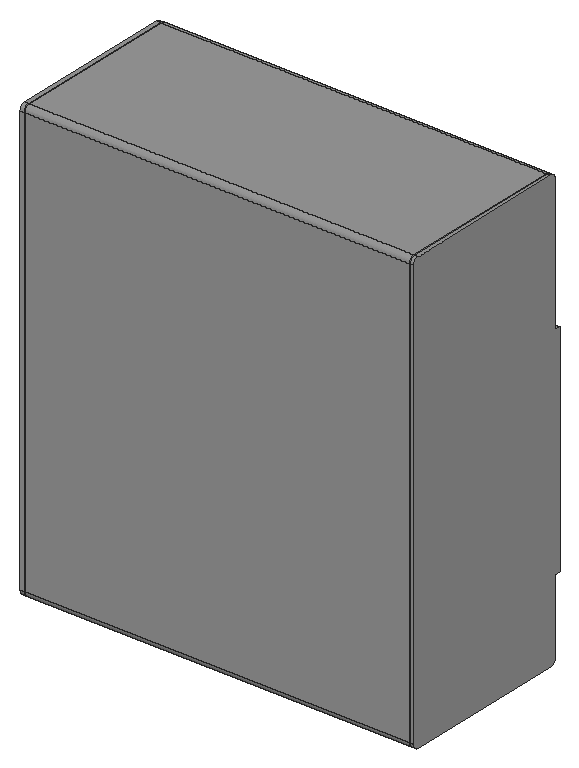
Revit family "L&L_LUCE&LIGHT_PASITO_1.0", category Lighting Fixtures, host Wall, Revit 2018 (continued)
Types (2, lengths in mm): name | Photometric Web File | built-in parameter 1150142
    0 0.00 0.00 0.00 0.00 \r\n0.00 0.00 0.00 0.00 0.00 0.00 0.00 0.00 0.00 0.00 0.00 \r\n0.00 0.00 0.00 0.00 0.00 0.00 0.00 0.00 0.00 0.00 0.00 \r\n0.00 0.00 0.00 0.00 0.00 0.00 0.00 0.00 0.00 0.00 0.00 \r\n0.00 0.00 0.00 0.00 0.00 0.00 0.00 0.00 0.00 0.00 0.00 \r\n0.00 0.00 0.00 0.00 0.00 0.00 0.00 0.00 0.00 0.00 0.00 \r\n0.00 0.00 0.00 0.00 0.00 0.00 0.00 0.00 0.00 0.00 0.00 \r\n0.00 0.00 0.00 0.00 0.00 \r\n0.00 0.00 0.00 0.00 0.00 0.00 0.00 0.00 0.00 0.00 0.00 \r\n0.00 0.00 0.00 0.00 0.00 0.00 0.00 0.00 0.00 0.00 0.00 \r\n0.00 0.00 0.00 0.00 0.00 0.00 0.00 0.00 0.00 0.00 0.00 \r\n0.00 0.00 0.00 0.00 0.00 0.00 0.00 0.00 0.00 0.00 0.00 \r\n0.00 0.00 0.00 0.00 0.00 0.00 0.00 0.00 0.00 0.00 0.00 \r\n0.00 0.00 0.00 0.00 0.00 0.00 0.00 0.00 0.00 0.00 0.00 \r\n0.00 0.00 0.00 0.00 0.00 0.00 0.00 0.00 0.00 0.00 0.00 \r\n0.00 0.00 0.00 0.00 0.00 0.00 0.00 0.00 0.00 0.00 0.00 \r\n0.00 0.00 0.00 0.00 0.00 0.00 0.00 0.00 0.00 0.00 0.00 \r\n0.00 0.00 0.00 0.00 0.00 0.00 0.00 0.00 0.00 0.00 0.00 \r\n0.00 0.00 0.00 0.00 0.00 0.00 0.00 0.00 0.00 0.00 0.00 \r\n0.00 0.00 0.00 0.00 0.00 0.00 0.00 0.00 0.00 0.00 0.00 \r\n0.00 0.00 0.00 0.00 0.00 0.00 0.00 0.00 0.00 0.00 0.00 \r\n0.00 0.00 0.00 0.00 0.00 0.00 0.00 0.00 0.00 0.00 0.00 \r\n0.00 0.00 0.00 0.00 0.00 0.00 0.00 0.00 0.00 0.00 0.00 \r\n0.00 0.00 0.00 0.00 0.00 0.00 0.00 0.00 0.00 0.00 0.00 \r\n0.00 0.00 0.00 0.00 0.00 \r\n0.00 0.00 0.00 0.00 0.00 0.00 0.00 0.00 0.00 0.00 0.00 \r\n0.00 0.00 0.00 0.00 0.00 0.00 0.00 0.00 0.00 0.00 0.00 \r\n0.00 0.00 0.00 0.00 0.00 0.00 0.00 0.00 0.00 0.00 0.00 \r\n0.00 0.00 0.00 0.00 0.00 0.00 0.00 0.00 0.00 0.00 0.00 \r\n0.00 0.00 0.00 0.00 0.00 0.00 0.00 0.00 0.00 0.00 0.00 \r\n0.00 0.00 0.00 0.00 0.00 0.00 0.00 0.00 0.00 0.00 0.00 \r\n0.00 0.00 0.00 0.00 0.00 0.00 0.00 0.00 0.00 0.00 0.00 \r\n0.00 0.00 0.00 0.00 0.00 0.00 0.00 0.00 0.00 0.00 0.00 \r\n0.00 0.00 0.00 0.00 0.00 0.00 0.00 0.00 0.00 0.00 0.00 \r\n0.00 0.00 0.00 0.00 0.00 0.00 0.00 0.00 0.00 0.00 0.00 \r\n0.00 0.00 0.00 0.00 0.00 0.00 0.00 0.00 0.00 0.00 0.00 \r\n0.00 0.00 0.00 0.00 0.00 0.00 0.00 0.00 0.00 0.00 0.00 \r\n0.00 0.00 0.00 0.00 0.00 0.00 0.00 0.00 0.00 0.00 0.00 \r\n0.00 0.00 0.00 0.00 0.00 0.00 0.00 0.00 0.00 0.00 0.00 \r\n0.00 0.00 0.00 0.00 0.00 0.00 0.00 0.00 0.00 0.00 0.00 \r\n0.00 0.00 0.00 0.00 0.00 0.00 0.00 0.00 0.00 0.00 0.00 \r\n0.00 0.00 0.00 0.00 0.00 \r\n0.00 0.00 0.00 0.00 0.00 0.00 0.00 0.00 0.00 0.00 0.00 \r\n0.00 0.00 0.00 0.00 0.00 0.00 0.00 0.00 0.00 0.00 0.00 \r\n0.00 0.00 0.00 0.00 0.00 0.00 0.00 0.00 0.00 0.00 0.00 \r\n0.00 0.00 0.00 0.00 0.00 0.00 0.00 0.00 0.00 0.00 0.00 \r\n0.00 0.00 0.00 0.00 0.00 0.00 0.00 0.00 0.00 0.00 0.00 \r\n0.00 0.00 0.00 0.00 0.00 0.00 0.00 0.00 0.00 0.00 0.00 \r\n0.00 0.00 0.00 0.00 0.00 0.00 0.00 0.00 0.00 0.00 0.00 \r\n0.00 0.00 0.00 0.00 0.00 0.00 0.00 0.00 0.00 0.00 0.00 \r\n0.00 0.00 0.00 0.00 0.00 0.00 0.00 0.00 0.00 0.00 0.00 \r\n0.00 0.00 0.00 0.00 0.00 0.00 0.00 0.00 0.00 0.00 0.00 \r\n0.00 0.00 0.00 0.00 0.00 0.00 0.00 0.00 0.00 0.00 0.00 \r\n0.00 0.00 0.00 0.00 0.00 0.00 0.00 0.00 0.00 0.00 0.00 \r\n0.00 0.00 0.00 0.00 0.00 0.00 0.00 0.00 0.00 0.00 0.00 \r\n0.00 0.00 0.00 0.00 0.00 0.00 0.00 0.00 0.00 0.00 0.00 \r\n0.00 0.00 0.00 0.00 0.00 0.00 0.00 0.00 0.00 0.00 0.00 \r\n0.00 0.00 0.00 0.00 0.00 0.00 0.00 0.00 0.00 0.00 0.00 \r\n0.00 0.00 0.00 0.00 0.00 \r\n0.00 0.00 0.00 0.00 0.00 0.00 0.00 0.00 0.00 0.00 0.00 \r\n0.00 0.00 0.00 0.00 0.00 0.00 0.00 0.00 0.00 0.00 0.00 \r\n0.00 0.00 0.00 0.00 0.00 0.00 0.00 0.00 0.00 0.00 0.00 \r\n0.00 0.00 0.00 0.00 0.00 0.00 0.00 0.00 0.00 0.00 0.00 \r\n0.00 0.00 0.00 0.00 0.00 0.00 0.00 0.00 0.00 0.00 0.00 \r\n0.00 0.00 0.00 0.00 0.00 0.00 0.00 0.00 0.00 0.00 0.00 \r\n0.00 0.00 0.00 0.00 0.00 0.00 0.00 0.00 0.00 0.00 0.00 \r\n0.00 0.00 0.00 0.00 0.00 0.00 0.00 0.00 0.00 0.00 0.00 \r\n0.00 0.00 0.00 0.00 0.00 0.00 0.00 0.00 0.00 0.00 0.00 \r\n0.00 0.00 0.00 0.00 0.00 0.00 0.00 0.00 0.00 0.00 0.00 \r\n0.00 0.00 0.00 0.00 0.00 0.00 0.00 0.00 0.00 0.00 0.00 \r\n0.00 0.00 0.00 0.00 0.00 0.00 0.00 0.00 0.00 0.00 0.00 \r\n0.00 0.00 0.00 0.00 0.00 0.00 0.00 0.00 0.00 0.00 0.00 \r\n0.00 0.00 0.00 0.00 0.00 0.00 0.00 0.00 0.00 0.00 0.00 \r\n0.00 0.00 0.00 0.00 0.00 0.00 0.00 0.00 0.00 0.00 0.00 \r\n0.00 0.00 0.00 0.00 0.00 0.00 0.00 0.00 0.00 0.00 0.00 \r\n0.00 0.00 0.00 0.00 0.00 \r\n0.00 0.00 0.00 0.00 0.00 0.00 0.00 0.00 0.00 0.00 0.00 \r\n0.00 0.00 0.00 0.00 0.00 0.00 0.00 0.00 0.00 0.00 0.00 \r\n0.00 0.00 0.00 0.00 0.00 0.00 0.00 0.00 0.00 0.00 0.00 \r\n0.00 0.00 0.00 0.00 0.00 0.00 0.00 0.00 0.00 0.00 0.00 \r\n0.00 0.00 0.00 0.00 0.00 0.00 0.00 0.00 0.00 0.00 0.00 \r\n0.00 0.00 0.00 0.00 0.00 0.00 0.00 0.00 0.00 0.00 0.00 \r\n0.00 0.00 0.00 0.00 0.00 0.00 0.00 0.00 0.00 0.00 0.00 \r\n0.00 0.00 0.00 0.00 0.00 0.00 0.00 0.00 0.00 0.00 0.00 \r\n0.00 0.00 0.00 0.00 0.00 0.00 0.00 0.00 0.00 0.00 0.00 \r\n0.00 0.00 0.00 0.00 0.00 0.00 0.00 0.00 0.00 0.00 0.00 \r\n0.00 0.00 0.00 0.00 0.00 0.00 0.00 0.00 0.00 0.00 0.00 \r\n0.00 0.00 0.00 0.00 0.00 0.00 0.00 0.00 0.00 0.00 0.00 \r\n0.00 0.00 0.00 0.00 0.00 0.00 0.00 0.00 0.00 0.00 0.00 \r\n0.00 0.00 0.00 0.00 0.00 0.00 0.00 0.00 0.00 0.00 0.00 \r\n0.00 0.00 0.00 0.00 0.00 0.00 0.00 0.00 0.00 0.00 0.00 \r\n0.00 0.00 0.00 0.00 0.00 0.00 0.00 0.00 0.00 0.00 0.00 \r\n0.00 0.00 0.00 0.00 0.00 \r\n0.00 0.00 0.00 0.00 0.00 0.00 0.00 0.00 0.00 0.00 0.00 \r\n0.00 0.00 0.00 0.00 0.00 0.00 0.00 0.00 0.00 0.00 0.00 \r\n0.00 0.00 0.00 0.00 0.00 0.00 0.00 0.00 0.00 0.00 0.00 \r\n0.00 0.00 0.00 0.00 0.00 0.00 0.00 0.00 0.00 0.00 0.00 \r\n0.00 0.00 0.00 0.00 0.00 0.00 0.00 0.00 0.00 0.00 0.00 \r\n0.00 0.00 0.00 0.00 0.00 0.00 0.00 0.00 0.00 0.00 0.00 \r\n0.00 0.00 0.00 0.00 0.00 0.00 0.00 0.00 0.00 0.00 0.00 \r\n0.00 0.00 0.00 0.00 0.00 0.00 0.00 0.00 0.00 0.00 0.00 \r\n0.00 0.00 0.00 0.00 0.00 0.00 0.00 0.00 0.00 0.00 0.00 \r\n0.00 0.00 0.00 0.00 0.00 0.00 0.00 0.00 0.00 0.00 0.00 \r\n0.00 0.00 0.00 0.00 0.00 0.00 0.00 0.00 0.00 0.00 0.00 \r\n0.00 0.00 0.00 0.00 0.00 0.00 0.00 0.00 0.00 0.00 0.00 \r\n0.00 0.00 0.00 0.00 0.00 0.00 0.00 0.00 0.00 0.00 0.00 \r\n0.00 0.00 0.00 0.00 0.00 0.00 0.00 0.00 0.00 0.00 0.00 \r\n0.00 0.00 0.00 0.00 0.00 0.00 0.00 0.00 0.00 0.00 0.00 \r\n0.00 0.00 0.00 0.00 0.00 0.00 0.00 0.00 0.00 0.00 0.00 \r\n0.00 0.00 0.00 0.00 0.00 \r\n0.00 0.00 0.00 0.00 0.00 0.00 0.00 0.00 0.00 0.00 0.00 \r\n0.00 0.00 0.00 0.00 0.00 0.00 0.00 0.00 0.00 0.00 0.00 \r\n0.00 0.00 0.00 0.00 0.00 0.00 0.00 0.00 0.00 0.00 0.00 \r\n0.00 0.00 0.00 0.00 0.00 0.00 0.00 0.00 0.00 0.00 0.00 \r\n0.00 0.00 0.00 0.00 0.00 0.00 0.00 0.00 0.00 0.00 0.00 \r\n0.00 0.00 0.00 0.00 0.00 0.00 0.00 0.00 0.00 0.00 0.00 \r\n0.00 0.00 0.00 0.00 0.00 0.00 0.00 0.00 0.00 0.00 0.00 \r\n0.00 0.00 0.00 0.00 0.00 0.00 0.00 0.00 0.00 0.00 0.00 \r\n0.00 0.00 0.00 0.00 0.00 0.00 0.00 0.00 0.00 0.00 0.00 \r\n0.00 0.00 0.00 0.00 0.00 0.00 0.00 0.00 0.00 0.00 0.00 \r\n0.00 0.00 0.00 0.00 0.00 0.00 0.00 0.00 0.00 0.00 0.00 \r\n0.00 0.00 0.00 0.00 0.00 0.00 0.00 0.00 0.00 0.00 0.00 \r\n0.00 0.00 0.00 0.00 0.00 0.00 0.00 0.00 0.00 0.00 0.00 \r\n0.00 0.00 0.00 0.00 0.00 0.00 0.00 0.00 0.00 0.00 0.00 \r\n0.00 0.00 0.00 0.00 0.00 0.00 0.00 0.00 0.00 0.00 0.00 \r\n0.00 0.00 0.00 0.00 0.00 0.00 0.00 0.00 0.00 0.00 0.00 \r\n0.00 0.00 0.00 0.00 0.00 \r\n0.00 0.00 0.00 0.00 0.00 0.00 0.00 0.00 0.00 0.00 0.00 \r\n0.00 0.00 0.00 0.00 0.00 0.00 0.00 0.00 0.00 0.00 0.00 \r\n0.00 0.00 0.00 0.00 0.00 0.00 0.00 0.00 0.00 0.00 0.00 \r\n0.00 0.00 0.00 0.00 0.00 0.00 0.00 0.00 0.00 0.00 0.00 \r\n0.00 0.00 0.00 0.00 0.00 0.00 0.00 0.00 0.00 0.00 0.00 \r\n0.00 0.00 0.00 0.00 0.00 0.00 0.00 0.00 0.00 0.00 0.00 \r\n0.00 0.00 0.00 0.00 0.00 0.00 0.00 0.00 0.00 0.00 0.00 \r\n0.00 0.00 0.00 0.00 0.00 0.00 0.00 0.00 0.00 0.00 0.00 \r\n0.00 0.00 0.00 0.00 0.00 0.00 0.00 0.00 0.00 0.00 0.00 \r\n0.00 0.00 0.00 0.00 0.00 0.00 0.00 0.00 0.00 0.00 0.00 \r\n0.00 0.00 0.00 0.00 0.00 0.00 0.00 0.00 0.00 0.00 0.00 \r\n0.00 0.00 0.00 0.00 0.00 0.00 0.00 0.00 0.00 0.00 0.00 \r\n0.00 0.00 0.00 0.00 0.00 0.00 0.00 0.00 0.00 0.00 0.00 \r\n0.00 0.00 0.00 0.00 0.00 0.00 0.00 0.00 0.00 0.00 0.00 \r\n0.00 0.00 0.00 0.00 0.00 0.00 0.00 0.00 0.00 0.00 0.00 \r\n0.00 0.00 0.00 0.00 0.00 0.00 0.00 0.00 0.00 0.00 0.00 \r\n0.00 0.00 0.00 0.00 0.00 \r\n0.00 0.00 0.00 0.00 0.00 0.00 0.00 0.00 0.00 0.00 0.00 \r\n0.00 0.00 0.00 0.00 0.00 0.00 0.00 0.00 0.00 0.00 0.00 \r\n0.00 0.00 0.00 0.00 0.00 0.00 0.00 0.00 0.00 0.00 0.00 \r\n0.00 0.00 0.00 0.00 0.00 0.00 0.00 0.00 0.00 0.00 0.00 \r\n0.00 0.00 0.00 0.00 0.00 0.00 0.00 0.00 0.00 0.00 0.00 \r\n0.00 0.00 0.00 0.00 0.00 0.00 0.00 0.00 0.00 0.00 0.00 \r\n0.00 0.00 0.00 0.00 0.00 0.00 0.00 0.00 0.00 0.00 0.00 \r\n0.00 0.00 0.00 0.00 0.00 0.00 0.00 0.00 0.00 0.00 0.00 \r\n0.00 0.00 0.00 0.00 0.00 0.00 0.00 0.00 0.00 0.00 0.00 \r\n0.00 0.00 0.00 0.00 0.00 0.00 0.00 0.00 0.00 0.00 0.00 \r\n0.00 0.00 0.00 0.00 0.00 0.00 0.00 0.00 0.00 0.00 0.00 \r\n0.00 0.00 0.00 0.00 0.00 0.00 0.00 0.00 0.00 0.00 0.00 \r\n0.00 0.00 0.00 0.00 0.00 0.00 0.00 0.00 0.00 0.00 0.00 \r\n0.00 0.00 0.00 0.00 0.00 0.00 0.00 0.00 0.00 0.00 0.00 \r\n0.00 0.00 0.00 0.00 0.00 0.00 0.00 0.00 0.00 0.00 0.00 \r\n0.00 0.00 0.00 0.00 0.00 0.00 0.00 0.00 0.00 0.00 0.00 \r\n0.00 0.00 0.00 0.00 0.00 \r\n0.00 0.00 0.00 0.00 0.00 0.00 0.00 0.00 0.00 0.00 0.00 \r\n0.00 0.00 0.00 0.00 0.00 0.00 0.00 0.00 0.00 0.00 0.00 \r\n0.00 0.00 0.00 0.00 0.00 0.00 0.00 0.00 0.00 0.00 0.00 \r\n0.00 0.00 0.00 0.00 0.00 0.00 0.00 0.00 0.00 0.00 0.00 \r\n0.00 0.00 0.00 0.00 0.00 0.00 0.00 0.00 0.00 0.00 0.00 \r\n0.00 0.00 0.00 0.00 0.00 0.00 0.00 0.00 0.00 0.00 0.00 \r\n0.00 0.00 0.00 0.00 0.00 0.00 0.00 0.00 0.00 0.00 0.00 \r\n0.00 0.00 0.00 0.00 0.00 0.00 0.00 0.00 0.00 0.00 0.00 \r\n0.00 0.00 0.00 0.00 0.00 0.00 0.00 0.00 0.00 0.00 0.00 \r\n0.00 0.00 0.00 0.00 0.00 0.00 0.00 0.00 0.00 0.00 0.00 \r\n0.00 0.00 0.00 0.00 0.00 0.00 0.00 0.00 0.00 0.00 0.00 \r\n0.00 0.00 0.00 0.00 0.00 0.00 0.00 0.00 0.00 0.00 0.00 \r\n0.00 0.00 0.00 0.00 0.00 0.00 0.00 0.00 0.00 0.00 0.00 \r\n0.00 0.00 0.00 0.00 0.00 0.00 0.00 0.00 0.00 0.00 0.00 \r\n0.00 0.00 0.00 0.00 0.00 0.00 0.00 0.00 0.00 0.00 0.00 \r\n0.00 0.00 0.00 0.00 0.00 0.00 0.00 0.00 0.00 0.00 0.00 \r\n0.00 0.00 0.00 0.00 0.00 \r\n0.00 0.00 0.00 0.00 0.00 0.00 0.00 0.00 0.00 0.00 0.00 \r\n0.00 0.00 0.00 0.00 0.00 0.00 0.00 0.00 0.00 0.00 0.00 \r\n0.00 0.00 0.00 0.00 0.00 0.00 0.00 0.00 0.00 0.00 0.00 \r\n0.00 0.00 0.00 0.00 0.00 0.00 0.00 0.00 0.00 0.00 0.00 \r\n0.00 0.00 0.00 0.00 0.00 0.00 0.00 0.00 0.00 0.00 0.00 \r\n0.00 0.00 0.00 0.00 0.00 0.00 0.00 0.00 0.00 0.00 0.00 \r\n0.00 0.00 0.00 0.00 0.00 0.00 0.00 0.00 0.00 0.00 0.00 \r\n0.00 0.00 0.00 0.00 0.00 0.00 0.00 0.00 0.00 0.00 0.00 \r\n0.00 0.00 0.00 0.00 0.00 0.00 0.00 0.00 0.00 0.00 0.00 \r\n0.00 0.00 0.00 0.00 0.00 0.00 0.00 0.00 0.00 0.00 0.00 \r\n0.00 0.00 0.00 0.00 0.00 0.00 0.00 0.00 0.00 0.00 0.00 \r\n0.00 0.00 0.00 0.00 0.00 0.00 0.00 0.00 0.00 0.00 0.00 \r\n0.00 0.00 0.00 0.00 0.00 0.00 0.00 0.00 0.00 0.00 0.00 \r\n0.00 0.00 0.00 0.00 0.00 0.00 0.00 0.00 0.00 0.00 0.00 \r\n0.00 0.00 0.00 0.00 0.00 0.00 0.00 0.00 0.00 0.00 0.00 \r\n0.00 0.00 0.00 0.00 0.00 0.00 0.00 0.00 0.00 0.00 0.00 \r\n0.00 0.00 0.00 0.00 0.00 \r\n0.00 0.00 0.00 0.00 0.00 0.00 0.00 0.00 0.00 0.00 0.00 \r\n0.00 0.00 0.00 0.00 0.00 0.00 0.00 0.00 0.00 0.00 0.00 \r\n0.00 0.00 0.00 0.00 0.00 0.00 0.00 0.00 0.00 0.00 0.00 \r\n0.00 0.00 0.00 0.00 0.00 0.00 0.00 0.00 0.00 0.00 0.00 \r\n0.00 0.00 0.00 0.00 0.00 0.00 0.00 0.00 0.00 0.00 0.00 \r\n0.00 0.00 0.00 0.00 0.00 0.00 0.00 0.00 0.00 0.00 0.00 \r\n0.00 0.00 0.00 0.00 0.00 0.00 0.00 0.00 0.00 0.00 0.00 \r\n0.00 0.00 0.00 0.00 0.00 0.00 0.00 0.00 0.00 0.00 0.00 \r\n0.00 0.00 0.00 0.00 0.00 0.00 0.00 0.00 0.00 0.00 0.00 \r\n0.00 0.00 0.00 0.00 0.00 0.00 0.00 0.00 0.00 0.00 0.00 \r\n0.00 0.00 0.00 0.00 0.00 0.00 0.00 0.00 0.00 0.00 0.00 \r\n0.00 0.00 0.00 0.00 0.00 0.00 0.00 0.00 0.00 0.00 0.00 \r\n0.00 0.00 0.00 0.00 0.00 0.00 0.00 0.00 0.00 0.00 0.00 \r\n0.00 0.00 0.00 0.00 0.00 0.00 0.00 0.00 0.00 0.00 0.00 \r\n0.00 0.00 0.00 0.00 0.00 0.00 0.00 0.00 0.00 0.00 0.00 \r\n0.00 0.00 0.00 0.00 0.00 0.00 0.00 0.00 0.00 0.00 0.00 \r\n0.00 0.00 0.00 0.00 0.00 \r\n0.00 0.00 0.00 0.00 0.00 0.00 0.00 0.00 0.00 0.00 0.00 \r\n0.00 0.00 0.00 0.00 0.00 0.00 0.00 0.00 0.00 0.00 0.00 \r\n0.00 0.00 0.00 0.00 0.00 0.00 0.00 0.00 0.00 0.00 0.00 \r\n0.00 0.00 0.00 0.00 0.00 0.00 0.00 0.00 0.00 0.00 0.00 \r\n0.00 0.00 0.00 0.00 0.00 0.00 0.00 0.00 0.00 0.00 0.00 \r\n0.00 0.00 0.00 0.00 0.00 0.00 0.00 0.00 0.00 0.00 0.00 \r\n0.00 0.00 0.00 0.00 0.00 0.00 0.00 0.00 0.00 0.00 0.00 \r\n0.00 0.00 0.00 0.00 0.00 0.00 0.00 0.00 0.00 0.00 0.00 \r\n0.00 0.00 0.00 0.00 0.00 0.00 0.00 0.00 0.00 0.00 0.00 \r\n0.00 0.00 0.00 0.00 0.00 0.00 0.00 0.00 0.00 0.00 0.00 \r\n0.00 0.00 0.00 0.00 0.00 0.00 0.00 0.00 0.00 0.00 0.00 \r\n0.00 0.00 0.00 0.00 0.00 0.00 0.00 0.00 0.00 0.00 0.00 \r\n0.00 0.00 0.00 0.00 0.00 0.00 0.00 0.00 0.00 0.00 0.00 \r\n0.00 0.00 0.00 0.00 0.00 0.00 0.00 0.00 0.00 0.00 0.00 \r\n0.00 0.00 0.00 0.00 0.00 0.00 0.00 0.00 0.00 0.00 0.00 \r\n0.00 0.00 0.00 0.00 0.00 0.00 0.00 0.00 0.00 0.00 0.00 \r\n0.00 0.00 0.00 0.00 0.00 \r\n0.00 0.00 0.00 0.00 0.00 0.00 0.00 0.00 0.00 0.00 0.00 \r\n0.00 0.00 0.00 0.00 0.00 0.00 0.00 0.00 0.00 0.00 0.00 \r\n0.00 0.00 0.00 0.00 0.00 0.00 0.00 0.00 0.00 0.00 0.00 \r\n0.00 0.00 0.00 0.00 0.00 0.00 0.00 0.00 0.00 0.00 0.00 \r\n0.00 0.00 0.00 0.00 0.00 0.00 0.00 0.00 0.00 0.00 0.00 \r\n0.00 0.00 0.00 0.00 0.00 0.00 0.00 0.00 0.00 0.00 0.00 \r\n0.00 0.00 0.00 0.00 0.00 0.00 0.00 0.00 0.00 0.00 0.00 \r\n0.00 0.00 0.00 0.00 0.00 0.00 0.00 0.00 0.00 0.00 0.00 \r\n0.00 0.00 0.00 0.00 0.00 0.00 0.00 0.00 0.00 0.00 0.00 \r\n0.00 0.00 0.00 0.00 0.00 0.00 0.00 0.00 0.00 0.00 0.00 \r\n0.00 0.00 0.00 0.00 0.00 0.00 0.00 0.00 0.00 0.00 0.00 \r\n0.00 0.00 0.00 0.00 0.00 0.00 0.00 0.00 0.00 0.00 0.00 \r\n0.00 0.00 0.00 0.00 0.00 0.00 0.00 0.00 0.00 0.00 0.00 \r\n0.00 0.00 0.00 0.00 0.00 0.00 0.00 0.00 0.00 0.00 0.00 \r\n0.00 0.00 0.00 0.00 0.00 0.00 0.00 0.00 0.00 0.00 0.00 \r\n0.00 0.00 0.00 0.00 0.00 0.00 0.00 0.00 0.00 0.00 0.00 \r\n0.00 0.00 0.00 0.00 0.00 \r\n0.00 0.00 0.00 0.00 0.00 0.00 0.00 0.00 0.00 0.00 0.00 \r\n0.00 0.00 0.00 0.00 0.00 0.00 0.00 0.00 0.00 0.00 0.00 \r\n0.00 0.00 0.00 0.00 0.00 0.00 0.00 0.00 0.00 0.00 0.00 \r\n0.00 0.00 0.00 0.00 0.00 0.00 0.00 0.00 0.00 0.00 0.00 \r\n0.00 0.00 0.00 0.00 0.00 0.00 0.00 0.00 0.00 0.00 0.00 \r\n0.00 0.00 0.00 0.00 0.00 0.00 0.00 0.00 0.00 0.00 0.00 \r\n0.00 0.00 0.00 0.00 0.00 0.00 0.00 0.00 0.00 0.00 0.00 \r\n0.00 0.00 0.00 0.00 0.00 0.00 0.00 0.00 0.00 0.00 0.00 \r\n0.00 0.00 0.00 0.00 0.00 0.00 0.00 0.00 0.00 0.00 0.00 \r\n0.00 0.00 0.00 0.00 0.00 0.00 0.00 0.00 0.00 0.00 0.00 \r\n0.00 0.00 0.00 0.00 0.00 0.00 0.00 0.00 0.00 0.00 0.00 \r\n0.00 0.00 0.00 0.00 0.00 0.00 0.00 0.00 0.00 0.00 0.00 \r\n0.00 0.00 0.00 0.00 0.00 0.00 0.00 0.00 0.00 0.00 0.00 \r\n0.00 0.00 0.00 0.00 0.00 0.00 0.00 0.00 0.00 0.00 0.00 \r\n0.00 0.00 0.00 0.00 0.00 0.00 0.00 0.00 0.00 0.00 0.00 \r\n0.00 0.00 0.00 0.00 0.00 0.00 0.00 0.00 0.00 0.00 0.00 \r\n0.00 0.00 0.00 0.00 0.00 \r\n0.00 0.00 0.00 0.00 0.00 0.00 0.00 0.00 0.00 0.00 0.00 \r\n0.00 0.00 0.00 0.00 0.00 0.00 0.00 0.00 0.00 0.00 0.00 \r\n0.00 0.00 0.00 0.00 0.00 0.00 0.00 0.00 0.00 0.00 0.00 \r\n0.00 0.00 0.00 0.00 0.00 0.00 0.00 0.00 0.00 0.00 0.00 \r\n0.00 0.00 0.00 0.00 0.00 0.00 0.00 0.00 0.00 0.00 0.00 \r\n0.00 0.00 0.00 0.00 0.00 0.00 0.00 0.00 0.00 0.00 0.00 \r\n0.00 0.00 0.00 0.00 0.00 0.00 0.00 0.00 0.00 0.00 0.00 \r\n0.00 0.00 0.00 0.00 0.00 0.00 0.00 0.00 0.00 0.00 0.00 \r\n0.00 0.00 0.00 0.00 0.00 0.00 0.00 0.00 0.00 0.00 0.00 \r\n0.00 0.00 0.00 0.00 0.00 0.00 0.00 0.00 0.00 0.00 0.00 \r\n0.00 0.00 0.00 0.00 0.00 0.00 0.00 0.00 0.00 0.00 0.00 \r\n0.00 0.00 0.00 0.00 0.00 0.00 0.00 0.00 0.00 0.00 0.00 \r\n0.00 0.00 0.00 0.00 0.00 0.00 0.00 0.00 0.00 0.00 0.00 \r\n0.00 0.00 0.00 0.00 0.00 0.00 0.00 0.00 0.00 0.00 0.00 \r\n0.00 0.00 0.00 0.00 0.00 0.00 0.00 0.00 0.00 0.00 0.00 \r\n0.00 0.00 0.00 0.00 0.00 0.00 0.00 0.00 0.00 0.00 0.00 \r\n0.00 0.00 0.00 0.00 0.00 \r\n0.00 0.00 0.00 0.00 0.00 0.00 0.00 0.00 0.00 0.00 0.00 \r\n0.00 0.00 0.00 0.00 0.00 0.00 0.00 0.00 0.00 0.00 0.00 \r\n0.00 0.00 0.00 0.00 0.00 0.00 0.00 0.00 0.00 0.00 0.00 \r\n0.00 0.00 0.00 0.00 0.00 0.00 0.00 0.00 0.00 0.00 0.00 \r\n0.00 0.00 0.00 0.00 0.00 0.00 0.00 0.00 0.00 0.00 0.00 \r\n0.00 0.00 0.00 0.00 0.00 0.00 0.00 0.00 0.00 0.00 0.00 \r\n0.00 0.00 0.00 0.00 0.00 0.00 0.00 0.00 0.00 0.00 0.00 \r\n0.00 0.00 0.00 0.00 0.00 0.00 0.00 0.00 0.00 0.00 0.00 \r\n0.00 0.00 0.00 0.00 0.00 0.00 0.00 0.00 0.00 0.00 0.00 \r\n0.00 0.00 0.00 0.00 0.00 0.00 0.00 0.00 0.00 0.00 0.00 \r\n0.00 0.00 0.0
